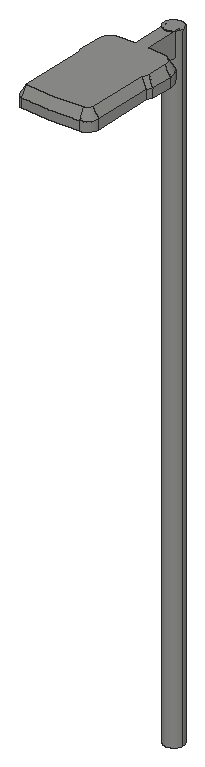
Revit family "VP-2-A_", category Lighting Fixtures, host Face, Revit 2019 (continued)
Definition of nested family "SIZE2"
  Automatic sketch dimensions
    Extrusion 23 sketch curve to Extrusion 23 sketch curve = 0.06241"
    Extrusion 23 sketch curve to Extrusion 23 sketch curve = 0.47992"
    Extrusion 23 sketch curve to Extrusion 23 sketch curve = 0.20146"
    Extrusion 24 sketch curve to plane 4 = 1.71682"
    Extrusion 24 sketch curve to plane 8 = 0.46661"
    Extrusion 24 sketch curve to Extrusion 24 sketch curve = 0.02618"
    Extrusion 24 sketch curve to Extrusion 24 sketch curve = 0.1119"
    Extrusion 24 sketch curve to plane 8 = 0.03691"
    Extrusion 24 sketch curve to Extrusion 24 sketch curve = 0.36056"
    Extrusion 24 sketch curve to plane 8 = 0.00781"
    Extrusion 24 sketch curve to Extrusion 24 sketch curve = 0.06241"
    Extrusion 24 sketch curve to Extrusion 24 sketch curve = 0.47992"
    Extrusion 24 sketch curve to Extrusion 24 sketch curve = 0.20146"
    Extrusion 25 sketch curve to plane 4 = 1.71682"
    Extrusion 25 sketch curve to plane 8 = 0.46661"
    Extrusion 25 sketch curve to Extrusion 25 sketch curve = 0.02618"
    Extrusion 25 sketch curve to Extrusion 25 sketch curve = 0.1119"
    Extrusion 25 sketch curve to plane 8 = 0.03691"
    Extrusion 25 sketch curve to Extrusion 25 sketch curve = 0.36056"
    Extrusion 25 sketch curve to plane 8 = 0.00781"
    Extrusion 25 sketch curve to Extrusion 25 sketch curve = 0.06241"
    Extrusion 25 sketch curve to Extrusion 25 sketch curve = 0.47992"
    Extrusion 25 sketch curve to Extrusion 25 sketch curve = 0.20146"
    Extrusion 26 sketch curve to plane 4 = 1.71682"
    Extrusion 26 sketch curve to plane 8 = 0.46661"
    Extrusion 26 sketch curve to Extrusion 26 sketch curve = 0.02618"
    Extrusion 26 sketch curve to Extrusion 26 sketch curve = 0.1119"
    Extrusion 26 sketch curve to plane 8 = 0.03691"
    Extrusion 26 sketch curve to Extrusion 26 sketch curve = 0.36056"
    Extrusion 26 sketch curve to plane 8 = 0.00781"
    Extrusion 26 sketch curve to Extrusion 26 sketch curve = 0.06241"
    Extrusion 26 sketch curve to Extrusion 26 sketch curve = 0.47992"
    Extrusion 26 sketch curve to Extrusion 26 sketch curve = 0.20146"
    Extrusion 27 sketch curve to plane 5 = 1.71682"
    plane 8 to Extrusion 27 sketch curve = 0.46661"
    Extrusion 27 sketch curve to Extrusion 27 sketch curve = 0.02618"
    Extrusion 27 sketch curve to Extrusion 27 sketch curve = 0.1119"
    plane 8 to Extrusion 27 sketch curve = 0.03691"
    Extrusion 27 sketch curve to Extrusion 27 sketch curve = 0.36056"
    plane 8 to Extrusion 27 sketch curve = 0.00781"
    Extrusion 27 sketch curve to Extrusion 27 sketch curve = 0.06241"
    Extrusion 27 sketch curve to Extrusion 27 sketch curve = 0.47992"
    Extrusion 27 sketch curve to Extrusion 27 sketch curve = 0.20146"
    plane 5 to Extrusion 28 sketch curve = 1.71682"
    Extrusion 28 sketch curve to plane 8 = 0.46661"
    Extrusion 28 sketch curve to Extrusion 28 sketch curve = 0.02618"
    Extrusion 28 sketch curve to Extrusion 28 sketch curve = 0.1119"
    Extrusion 28 sketch curve to plane 8 = 0.03691"
    Extrusion 28 sketch curve to Extrusion 28 sketch curve = 0.36056"
    Extrusion 28 sketch curve to plane 8 = 0.00781"
    Extrusion 28 sketch curve to Extrusion 28 sketch curve = 0.06241"
    Extrusion 28 sketch curve to Extrusion 28 sketch curve = 0.47992"
    Extrusion 28 sketch curve to Extrusion 28 sketch curve = 0.20146"
    plane 5 to Extrusion 29 sketch curve = 1.71682"
    Extrusion 29 sketch curve to plane 8 = 0.46661"
    Extrusion 29 sketch curve to Extrusion 29 sketch curve = 0.02618"
    Extrusion 29 sketch curve to Extrusion 29 sketch curve = 0.1119"
    Extrusion 29 sketch curve to plane 8 = 0.03691"
    Extrusion 29 sketch curve to Extrusion 29 sketch curve = 0.36056"
    Extrusion 29 sketch curve to plane 8 = 0.00781"
    Extrusion 29 sketch curve to Extrusion 29 sketch curve = 0.06241"
    Extrusion 29 sketch curve to Extrusion 29 sketch curve = 0.47992"
    Extrusion 29 sketch curve to Extrusion 29 sketch curve = 0.20146"
    plane 5 to Extrusion 30 sketch curve = 1.71682"
    Extrusion 30 sketch curve to plane 8 = 0.46661"
    Extrusion 30 sketch curve to Extrusion 30 sketch curve = 0.02618"
    Extrusion 30 sketch curve to Extrusion 30 sketch curve = 0.1119"
    Extrusion 30 sketch curve to plane 8 = 0.03691"
    Extrusion 30 sketch curve to Extrusion 30 sketch curve = 0.36056"
    Extrusion 30 sketch curve to plane 8 = 0.00781"
    Extrusion 30 sketch curve to Extrusion 30 sketch curve = 0.06241"
    Extrusion 30 sketch curve to Extrusion 30 sketch curve = 0.47992"
    Extrusion 30 sketch curve to Extrusion 30 sketch curve = 0.20146"
    plane 5 to Extrusion 31 sketch curve = 1.71682"
    Extrusion 31 sketch curve to plane 8 = 0.46661"
    Extrusion 31 sketch curve to Extrusion 31 sketch curve = 0.02618"
    Extrusion 31 sketch curve to Extrusion 31 sketch curve = 0.1119"
    Extrusion 31 sketch curve to plane 8 = 0.03691"
    Extrusion 31 sketch curve to Extrusion 31 sketch curve = 0.36056"
    Extrusion 31 sketch curve to plane 8 = 0.00781"
    Extrusion 31 sketch curve to Extrusion 31 sketch curve = 0.06241"
    Extrusion 31 sketch curve to Extrusion 31 sketch curve = 0.47992"
    Extrusion 31 sketch curve to Extrusion 31 sketch curve = 0.20146"
    plane 5 to Extrusion 32 sketch curve = 1.77513"
    Extrusion 32 sketch curve to Extrusion 32 sketch curve = 0.35"  (x3)
    Extrusion 32 sketch curve to plane 4 = 2.07197"  (x2)
    plane 6 to Extrusion 32 sketch curve = 7.81182"
    Extrusion 32 sketch curve to Extrusion 32 sketch curve = 5.05"
    plane 5 to Extrusion 33 sketch curve = 2.33171"
    Extrusion 33 sketch curve to Extrusion 33 sketch curve = 0.00"  (x61)
    Extrusion 33 sketch curve to Extrusion 33 sketch curve = 0.51875"  (x27)
    plane 6 to Extrusion 33 sketch curve = 8.73694"
    Extrusion 33 sketch curve to Extrusion 33 sketch curve = 0.50"  (x72)
    plane 4 to Extrusion 34 sketch curve = 2.33171"
    Extrusion 34 sketch curve to Extrusion 34 sketch curve = 0.00"  (x61)
    Extrusion 34 sketch curve to Extrusion 34 sketch curve = 0.51875"  (x27)
    Extrusion 34 sketch curve to plane 6 = 8.73694"
    Extrusion 34 sketch curve to Extrusion 34 sketch curve = 0.50"  (x72)
    plane 5 to Extrusion 35 sketch curve = 1.89345"
    Extrusion 35 sketch curve to Extrusion 35 sketch curve = 0.25"  (x3)
    Extrusion 35 sketch curve to plane 3 "Center (Left/Right)" = 0.54655"  (x2)
    plane 6 to Extrusion 35 sketch curve = 8.2409"
    Extrusion 35 sketch curve to Extrusion 35 sketch curve = 4.50"
    plane 4 to Extrusion 36 sketch curve = 1.89345"
    Extrusion 36 sketch curve to Extrusion 36 sketch curve = 0.25"  (x3)
    Extrusion 36 sketch curve to plane 3 "Center (Left/Right)" = 0.54655"  (x2)
    Extrusion 36 sketch curve to plane 6 = 8.2409"
    Extrusion 36 sketch curve to Extrusion 36 sketch curve = 4.50"
    radius of Extrusion 8 sketch curve = 0.15"  (x81)
    radius of Extrusion 9 sketch curve = 0.15"  (x81)
    radius of Extrusion 33 sketch curve = 0.15"  (x81)
    radius of Extrusion 34 sketch curve = 0.15"  (x81)
Types (5): name | Pole Radius | Model | Pole Diameter
  (no name) | 1.75" | "VP-2-A3" | 3.50"
  VP-2-A2 | 1.25" | "VP-2-A2" | 2.50"
  VP-2-A3 | 1.75" | "VP-2-A3" | 3.50"
  VP-2-A4 | 2.09" | "VP-2-A4" | 4.18"
  VP-2-A5 | 2.75" | "VP-2-A5" | 5.50"
